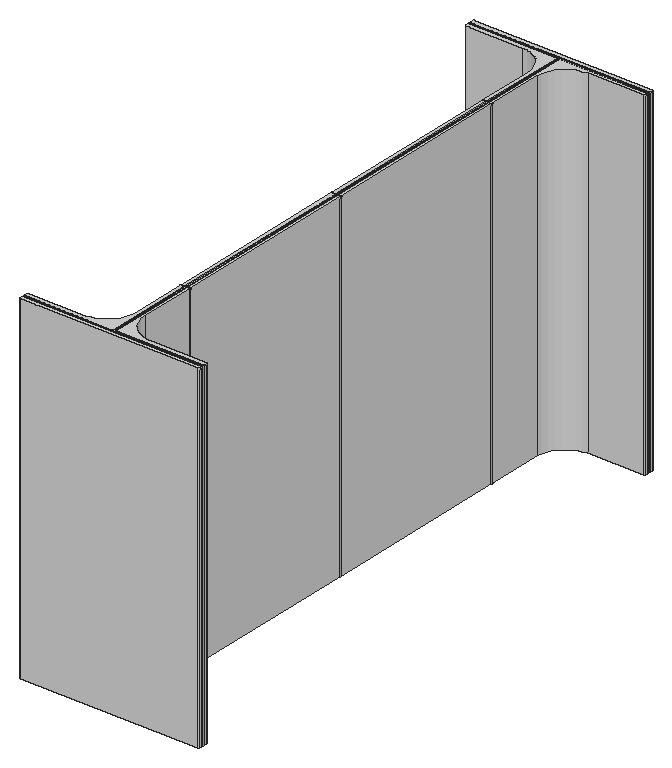
Revit family "NBS_Senator_MeetingPods_Wall_PDWA18", category Furniture, Revit 2018
Family settings
  Work Plane-Based = No
  Always vertical = Yes
  Cut with Voids When Loaded = No
  Shared = No
  Room Calculation Point = No
Parameters (values of type "PDWA18")
  WarrantyStartDate [instance] = "1900-12-31T23:59:59"
  WarrantyGuarantorParts = "contactus@thesenatorgroup.com"
  WarrantyGuarantorLabor = "n/a"
  WarrantyDurationUnit = "year"
  WarrantyDurationParts = "10"
  WarrantyDurationLabor = "n/a"
  WarrantyDescription = "Senator warrants that its manufactured products are free from manufacturing defects - in materials or workmanship - for a period of ten (10) years on Senator Seating ranges; and fifteen (15) years on Senator Desking ranges - exceptions are listed below. Senator will repair or replace (at Senator’s sole discretion) with comparable free of charge materials / components, any product / component, which fails under normal use in a single shift environment, as a result of a defect in the materials and / or workmanship"
  WallWidth = 950 mm  # constant formula
  WallMaterial = NBS_Senator_Lancaster
  WallHeight = 1800 mm  # constant formula
  WallDepth = 3000 mm  # constant formula
  Version = "1"  # constant formula
  Uniclass2015Version = "Products v1.16"
  Uniclass2015Title = "Pr_40_50_12_53"
  Uniclass2015Code = "Meeting pods"
  TagNumber [instance] = "n/a"
  SustainabilityPerformance = "99% recyclable"
  Style = "Pods"
  Status = "UNSET"
  Size = "3000 x x950 x 1800 mm"
  Shape = "n/a"
  SerialNumber [instance] = "n/a"
  SeatWidth = "n/a"
  SeatDepth = "n/a"
  Revision = "n/a"
  ReplacementCost = "n/a"
  Reference = "n/a"
  ProductInformation = "n/a"
  NominalWidth = 1800 mm
  NominalLength = 950 mm
  NominalHeight = 1800 mm
  NominalDepth = 3000 mm
  Name = "MeetingPods_Wall_PDWA18_Senator"
  NBSReference = "45-35-20/342"
  NBSDescription = "Meeting pods"
  NBSCertification = "www.nationalbimlibrary.com/cert/ificlccf"
  ModelReference = "Pods-Wall_PDWA18"
  ModelNumber = "PDWA18"
  MiddlePanelMaterial = NBS_Senator_Lancaster
  Material = "Fabric, metal, plastic"
  ManufacturerURL = "www.senator.co.uk"
  ManufacturerName = "The Senator Group"  # constant formula
  Manufacturer = "sales@senator.co.uk"  # constant formula
  MainColor = "n/a"
  IsBuiltIn = no
  InstallationDate [instance] = "1900-12-31T23:59:59"
  IfcExportType = "USERDEFINED"  # constant formula
  IfcExportAs = "IfcFurnitureType"  # constant formula
  Grade = "n/a"
  FramesColour = "Black, white"
  FinishOptions = "Carini walnut, mocha, autumn, strata oak, maple, highland oak, beech, winter oak, hacienda white, white, light grey, denim, clay, lemon sorbet"
  Finish = "Outer vertical panels upholstered in camira, blazer fabric Two tone is standard"
  Features = "Internal frame with multi-layered acoustic foam, levelling adjusters, blazer fabric, outer vertical panels"
  FabricFinishOptions = "Plymouth, fairfield, latymer, lancaster, silcoates, silverdale, st andrews, trevelyan, ulster, wellington, wesley, manchester,"
  ExpectedLife = "10"
  EndPanelMaterial = NBS_Senator_Lancaster
  DurationUnit = "year"
  Description = "A freestanding wall used to divide space"
  Constituents = "n/a"
  Color = "n/a"
  CodePerformance = "n/a"
  Category = "Pr_40_50_12_53: Meeting pods"
  BarCode [instance] = "n/a"
  BIMObjectName = "NBS_Senator_MeetingPods_Wall_PDWA18"
  Author = "NBS"  # constant formula
  AssetType = "Fixed"
  AssetIdentifier [instance] = "n/a"
  Accessories = "Monitor arms, PU desk accessories, desk top accessories, CPU holders, electrical accessories, coat hanger, name plate, A2 dry wipe board with hanger, A3 dry wipe board with hanger"
  AccessibilityPerformance = "n/a"
Reference planes
  plane 1 "Center (Front/Back)": y = 0
  plane 2 "Bottom": z = 0
  plane 3 "Center (Left/Right)": x = 0
  plane 4 "Back": y = 1500
  plane 5 "Front": y = -1500
  plane 6 "Left": x = -475
  plane 7 "Right": x = 475
  plane 8 "Top": z = 1800
  plane 9: y = 1445.7
  plane 10: y = -1445.7
  plane 11: x = -25
  plane 12: x = 25
  plane 13: y = -1478.3
  plane 14: y = -1467.4
  plane 15: y = 1478.3
  plane 16: y = 1467.4
  plane 17: x = -5.6
  plane 18: x = 5.6
  plane 19: y = 1472.9
  plane 20: y = -1472.9
  plane 21: y = 997.835
  plane 22: y = 996.835
  plane 23: y = 0.535
  plane 24: y = -0.465
  plane 25: y = -996.764
  plane 26: y = -997.764
Forms (mm)
  Extrusion 1, solid, material "NBS_Senator_Lancaster" <- "MiddlePanelMaterial", detail levels medium+fine
    sketch origin (0, 0, 0) x (1, 0, 0) y (0, 1, 0)
      loop
        arc (-470.171, 1478.3) -> (-475, 1472.85) -> (-470.171, 1467.4) r 5.49
        line (-470.171, 1467.4) -> (-5.6, 1467.4) -> (-5.6, -1467.4) -> (-470.171, -1467.4)
        arc (-470.171, -1467.4) -> (-475, -1472.85) -> (-470.171, -1478.3) r 5.49
        line (-470.171, -1478.3) -> (470.176, -1478.3)
        arc (470.176, -1478.3) -> (475, -1472.85) -> (470.176, -1467.4) r 5.491
        line (470.176, -1467.4) -> (5.6, -1467.4) -> (5.6, 1467.4) -> (470.176, 1467.4)
        arc (470.176, 1467.4) -> (475, 1472.85) -> (470.176, 1478.3) r 5.491
        line (470.176, 1478.3) -> (-470.171, 1478.3)
    from 0 to 1800
  Extrusion 2, solid, material "NBS_Senator_Lancaster" <- "EndPanelMaterial", detail levels medium+fine
    sketch origin (0, 0, 0) x (1, 0, 0) y (0, 1, 0)
      loop
        arc (-470, 1500) -> (-473.536, 1498.536) -> (-475, 1495) r 5
        line (-475, 1495) -> (-475, 1483.3)
        arc (-475, 1483.3) -> (-473.536, 1479.764) -> (-470, 1478.3) r 5
        line (-470, 1478.3) -> (470, 1478.3)
        arc (470, 1478.3) -> (473.536, 1479.764) -> (475, 1483.3) r 5
        line (475, 1483.3) -> (475, 1495)
        arc (475, 1495) -> (473.536, 1498.536) -> (470, 1500) r 5
        line (470, 1500) -> (-470, 1500)
    from 0 to 1800
  Extrusion 3, solid, material "NBS_Senator_Lancaster" <- "EndPanelMaterial", detail levels medium+fine
    sketch origin (0, -2978.3, 0) x (1, 0, 0) y (0, 1, 0)
      loop
        arc (-470, 1500) -> (-473.536, 1498.536) -> (-475, 1495) r 5
        line (-475, 1495) -> (-475, 1483.3)
        arc (-475, 1483.3) -> (-473.536, 1479.764) -> (-470, 1478.3) r 5
        line (-470, 1478.3) -> (470, 1478.3)
        arc (470, 1478.3) -> (473.536, 1479.764) -> (475, 1483.3) r 5
        line (475, 1483.3) -> (475, 1495)
        arc (475, 1495) -> (473.536, 1498.536) -> (470, 1500) r 5
        line (470, 1500) -> (-470, 1500)
    from 0 to 1800
  Extrusion 4, solid, material "NBS_Senator_Lancaster" <- "WallMaterial", detail levels medium+fine
    sketch origin (0, 0, 0) x (1, 0, 0) y (0, 1, 0)
      loop
        line (-470, 1445.7) -> (-175, 1445.7)
        arc (-175, 1445.7) -> (-68.934, 1401.766) -> (-25, 1295.7) r 150
        line (-25, 1295.7) -> (-25, 1002.835)
        arc (-25, 1002.835) -> (-23.536, 999.299) -> (-20, 997.835) r 5
        line (-20, 997.835) -> (-10.6, 997.835)
        arc (-10.6, 997.835) -> (-7.064, 999.299) -> (-5.6, 1002.835) r 5
        line (-5.6, 1002.835) -> (-5.6, 1462.4)
        arc (-5.6, 1462.4) -> (-7.064, 1465.936) -> (-10.6, 1467.4) r 5
        line (-10.6, 1467.4) -> (-470, 1467.4)
        arc (-470, 1467.4) -> (-473.536, 1465.936) -> (-475, 1462.4) r 5
        line (-475, 1462.4) -> (-475, 1450.7)
        arc (-475, 1450.7) -> (-473.536, 1447.164) -> (-470, 1445.7) r 5
      loop
        arc (-20, 996.835) -> (-23.536, 995.37) -> (-25, 991.835) r 5
        line (-25, 991.835) -> (-25, 5.535)
        arc (-25, 5.535) -> (-23.536, 2) -> (-20, 0.535) r 5
        line (-20, 0.535) -> (-10.6, 0.535)
        arc (-10.6, 0.535) -> (-7.064, 2) -> (-5.6, 5.535) r 5
        line (-5.6, 5.535) -> (-5.6, 991.835)
        arc (-5.6, 991.835) -> (-7.064, 995.37) -> (-10.6, 996.835) r 5
        line (-10.6, 996.835) -> (-20, 996.835)
      loop
        arc (-470, -1445.7) -> (-473.536, -1447.164) -> (-475, -1450.7) r 5
        line (-475, -1450.7) -> (-475, -1462.4)
        arc (-475, -1462.4) -> (-473.536, -1465.936) -> (-470, -1467.4) r 5
        line (-470, -1467.4) -> (-10.6, -1467.4)
        arc (-10.6, -1467.4) -> (-7.064, -1465.936) -> (-5.6, -1462.4) r 5
        line (-5.6, -1462.4) -> (-5.6, -1002.764)
        arc (-5.6, -1002.764) -> (-7.064, -999.229) -> (-10.6, -997.764) r 5
        line (-10.6, -997.764) -> (-20, -997.764)
        arc (-20, -997.764) -> (-23.536, -999.229) -> (-25, -1002.764) r 5
        line (-25, -1002.764) -> (-25, -1295.7)
        arc (-25, -1295.7) -> (-68.934, -1401.766) -> (-175, -1445.7) r 150
        line (-175, -1445.7) -> (-470, -1445.7)
      loop
        line (-20, -996.764) -> (-10.6, -996.764)
        arc (-10.6, -996.764) -> (-7.064, -995.3) -> (-5.6, -991.764) r 5
        line (-5.6, -991.764) -> (-5.6, -5.465)
        arc (-5.6, -5.465) -> (-7.064, -1.929) -> (-10.6, -0.465) r 5
        line (-10.6, -0.465) -> (-20, -0.465)
        arc (-20, -0.465) -> (-23.536, -1.929) -> (-25, -5.465) r 5
        line (-25, -5.465) -> (-25, -991.764)
        arc (-25, -991.764) -> (-23.536, -995.3) -> (-20, -996.764) r 5
      loop
        arc (470, 1445.7) -> (473.536, 1447.164) -> (475, 1450.7) r 5
        line (475, 1450.7) -> (475, 1462.4)
        arc (475, 1462.4) -> (473.536, 1465.936) -> (470, 1467.4) r 5
        line (470, 1467.4) -> (10.6, 1467.4)
        arc (10.6, 1467.4) -> (7.064, 1465.936) -> (5.6, 1462.4) r 5
        line (5.6, 1462.4) -> (5.6, 1002.835)
        arc (5.6, 1002.835) -> (7.064, 999.299) -> (10.6, 997.835) r 5
        line (10.6, 997.835) -> (20, 997.835)
        arc (20, 997.835) -> (23.536, 999.299) -> (25, 1002.835) r 5
        line (25, 1002.835) -> (25, 1295.7)
        arc (25, 1295.7) -> (68.934, 1401.766) -> (175, 1445.7) r 150
        line (175, 1445.7) -> (470, 1445.7)
      loop
        line (20, 996.835) -> (10.6, 996.835)
        arc (10.6, 996.835) -> (7.064, 995.37) -> (5.6, 991.835) r 5
        line (5.6, 991.835) -> (5.6, 5.535)
        arc (5.6, 5.535) -> (7.064, 2) -> (10.6, 0.535) r 5
        line (10.6, 0.535) -> (20, 0.535)
        arc (20, 0.535) -> (23.536, 2) -> (25, 5.535) r 5
        line (25, 5.535) -> (25, 991.835)
        arc (25, 991.835) -> (23.536, 995.37) -> (20, 996.835) r 5
      loop
        line (470, -1445.7) -> (175, -1445.7)
        arc (175, -1445.7) -> (68.934, -1401.766) -> (25, -1295.7) r 150
        line (25, -1295.7) -> (25, -1002.764)
        arc (25, -1002.764) -> (23.536, -999.229) -> (20, -997.764) r 5
        line (20, -997.764) -> (10.6, -997.764)
        arc (10.6, -997.764) -> (7.064, -999.229) -> (5.6, -1002.764) r 5
        line (5.6, -1002.764) -> (5.6, -1462.4)
        arc (5.6, -1462.4) -> (7.064, -1465.936) -> (10.6, -1467.4) r 5
        line (10.6, -1467.4) -> (470, -1467.4)
        arc (470, -1467.4) -> (473.536, -1465.936) -> (475, -1462.4) r 5
        line (475, -1462.4) -> (475, -1450.7)
        arc (475, -1450.7) -> (473.536, -1447.164) -> (470, -1445.7) r 5
      loop
        arc (20, -996.764) -> (23.536, -995.3) -> (25, -991.764) r 5
        line (25, -991.764) -> (25, -5.465)
        arc (25, -5.465) -> (23.536, -1.929) -> (20, -0.465) r 5
        line (20, -0.465) -> (10.6, -0.465)
        arc (10.6, -0.465) -> (7.064, -1.929) -> (5.6, -5.465) r 5
        line (5.6, -5.465) -> (5.6, -991.764)
        arc (5.6, -991.764) -> (7.064, -995.3) -> (10.6, -996.764) r 5
        line (10.6, -996.764) -> (20, -996.764)
    from 0 to 1800
  Extrusion 5, solid, material "NBS_Senator_Lancaster" <- "WallMaterial", detail levels coarse
    sketch origin (0, 0, 0) x (1, 0, 0) y (0, 1, 0)
      loop
        line (-475, 1500) -> (-475, 1445.7) -> (-175, 1445.7)
        arc (-175, 1445.7) -> (-68.934, 1401.766) -> (-25, 1295.7) r 150
        line (-25, 1295.7) -> (-25, -1295.7)
        arc (-25, -1295.7) -> (-68.934, -1401.766) -> (-175, -1445.7) r 150
        line (-175, -1445.7) -> (-475, -1445.7) -> (-475, -1500) -> (475, -1500) -> (475, -1445.7) -> (175, -1445.7)
        arc (175, -1445.7) -> (68.934, -1401.766) -> (25, -1295.7) r 150
        line (25, -1295.7) -> (25, 1295.7)
        arc (25, 1295.7) -> (68.934, 1401.766) -> (175, 1445.7) r 150
        line (175, 1445.7) -> (475, 1445.7) -> (475, 1500) -> (-475, 1500)
    from 0 to 1800
Dimensions and locks
  "WallDepth": plane 5 "Front" to plane 4 "Back"
  "WallWidth": plane 6 "Left" to plane 7 "Right"
  "WallHeight": plane 8 "Top" to plane 2 "Bottom"
  radius of Extrusion 5 sketch curve = 150 mm  (x4)
  aligned and locked: level to plane 2 "Bottom"
  aligned and locked: plane 8 "Top" to Extrusion 1
  aligned and locked: Extrusion 1 sketch curve to plane 14  (x2)
  aligned and locked: plane 13 to Extrusion 1 sketch curve
  aligned and locked: Extrusion 1 sketch curve to plane 18
  aligned and locked: Extrusion 1 sketch curve to plane 17
  aligned and locked: plane 15 to Extrusion 1 sketch curve
  aligned and locked: Extrusion 1 sketch curve to plane 16  (x2)
  aligned and locked: plane 4 "Back" to Extrusion 2 sketch curve
  aligned and locked: plane 6 "Left" to Extrusion 2 sketch curve
  aligned and locked: Extrusion 2 sketch curve to plane 15
  aligned and locked: Extrusion 2 sketch curve to plane 7 "Right"
  aligned and locked: plane 8 "Top" to Extrusion 2
  aligned and locked: Extrusion 2 to plane 2 "Bottom"
  aligned and locked: Extrusion 1 to plane 2 "Bottom"
  aligned and locked: plane 5 "Front" to Extrusion 3
  aligned and locked: plane 13 to Extrusion 3 sketch curve
  aligned and locked: plane 6 "Left" to Extrusion 3 sketch curve
  aligned and locked: Extrusion 3 sketch curve to plane 7 "Right"
  aligned and locked: plane 8 "Top" to Extrusion 3
  aligned and locked: Extrusion 3 to plane 2 "Bottom"
  aligned and locked: Extrusion 4 sketch curve to plane 6 "Left"
  aligned and locked: Extrusion 4 sketch curve to plane 16
  aligned and locked: plane 9 to Extrusion 4 sketch curve
  aligned and locked: plane 17 to Extrusion 4 sketch curve  (x2)
  aligned and locked: Extrusion 4 sketch curve to plane 21
  aligned and locked: Extrusion 4 sketch curve to plane 11  (x2)
  aligned and locked: Extrusion 4 to plane 2 "Bottom"
  aligned and locked: plane 8 "Top" to Extrusion 4
  aligned and locked: Extrusion 4 sketch curve to plane 22
  aligned and locked: plane 11 to Extrusion 4 sketch curve  (x2)
  aligned and locked: Extrusion 4 sketch curve to plane 17  (x2)
  aligned and locked: plane 23 to Extrusion 4 sketch curve
  aligned and locked: Extrusion 4 sketch curve to plane 25
  aligned and locked: plane 24 to Extrusion 4 sketch curve
  aligned and locked: plane 10 to Extrusion 4 sketch curve
  aligned and locked: Extrusion 4 sketch curve to plane 14
  aligned and locked: plane 6 "Left" to Extrusion 4 sketch curve
  aligned and locked: Extrusion 4 sketch curve to plane 26
  aligned and locked: plane 16 to Extrusion 4 sketch curve
  aligned and locked: Extrusion 4 sketch curve to plane 7 "Right"
  aligned and locked: Extrusion 4 sketch curve to plane 9
  aligned and locked: plane 18 to Extrusion 4 sketch curve  (x2)
  aligned and locked: Extrusion 4 sketch curve to plane 12  (x2)
  aligned and locked: plane 21 to Extrusion 4 sketch curve
  aligned and locked: Extrusion 4 sketch curve to plane 18  (x2)
  aligned and locked: plane 12 to Extrusion 4 sketch curve  (x2)
  aligned and locked: plane 22 to Extrusion 4 sketch curve
  aligned and locked: Extrusion 4 sketch curve to plane 23
  aligned and locked: Extrusion 4 sketch curve to plane 24
  aligned and locked: plane 25 to Extrusion 4 sketch curve
  aligned and locked: plane 26 to Extrusion 4 sketch curve
  aligned and locked: plane 14 to Extrusion 4 sketch curve
  aligned and locked: plane 7 "Right" to Extrusion 4 sketch curve
  aligned and locked: Extrusion 4 sketch curve to plane 10
  aligned and locked: plane 4 "Back" to Extrusion 5 sketch curve
  aligned and locked: plane 6 "Left" to Extrusion 5 sketch curve  (x2)
  aligned and locked: Extrusion 5 sketch curve to plane 9  (x2)
  aligned and locked: Extrusion 5 sketch curve to plane 7 "Right"  (x2)
  aligned and locked: plane 11 to Extrusion 5 sketch curve
  aligned and locked: Extrusion 5 sketch curve to plane 12
  aligned and locked: plane 10 to Extrusion 5 sketch curve  (x2)
  aligned and locked: Extrusion 5 sketch curve to plane 5 "Front"
  aligned and locked: Extrusion 5 to plane 2 "Bottom"
  aligned and locked: plane 8 "Top" to Extrusion 5
Automatic sketch dimensions
  plane 6 "Left" to Extrusion 1 sketch curve = 5.49 mm  (x2)
  plane 6 "Left" to Extrusion 1 sketch curve = 4.829 mm  (x4)
  Extrusion 1 sketch curve to plane 7 "Right" = 5.49 mm  (x2)
  Extrusion 1 sketch curve to plane 7 "Right" = 4.824 mm  (x4)
  plane 6 "Left" to Extrusion 2 sketch curve = 5 mm
  plane 4 "Back" to Extrusion 2 sketch curve = 5 mm
  Extrusion 2 sketch curve to plane 7 "Right" = 5 mm  (x2)
  plane 5 "Front" to Extrusion 3 sketch curve = 0 mm
  plane 6 "Left" to Extrusion 3 sketch curve = 5 mm  (x2)
  Extrusion 3 sketch curve to plane 7 "Right" = 5 mm  (x2)
  plane 6 "Left" to Extrusion 4 sketch curve = 5 mm  (x4)
  Extrusion 4 sketch curve to plane 11 = 150 mm
  Extrusion 4 sketch curve to Extrusion 4 sketch curve = 150 mm  (x2)
  Extrusion 4 sketch curve to Extrusion 4 sketch curve = 5 mm  (x8)
  plane 11 to Extrusion 4 sketch curve = 5 mm  (x3)
  Extrusion 4 sketch curve to Extrusion 4 sketch curve = 0 mm  (x6)
  Extrusion 4 sketch curve to plane 17 = 5 mm  (x4)
  plane 18 to Extrusion 4 sketch curve = 5 mm  (x3)
  plane 16 to Extrusion 4 sketch curve = 5 mm
  Extrusion 4 sketch curve to plane 12 = 5 mm  (x3)
  plane 12 to Extrusion 4 sketch curve = 150 mm
  Extrusion 4 sketch curve to plane 7 "Right" = 5 mm  (x4)
